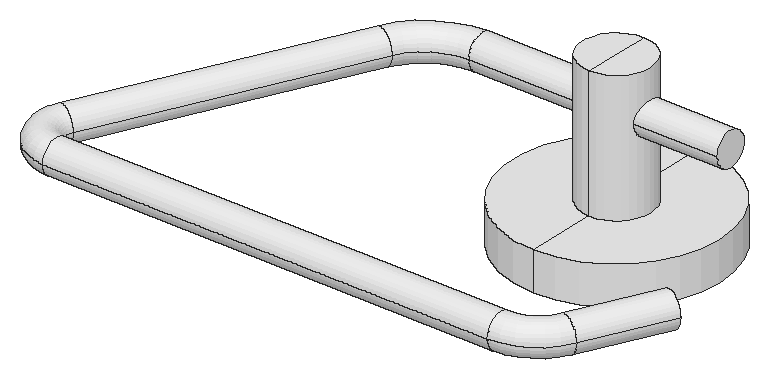
Revit family "Accessories_Set-Grohe-Essentials_Master-40823_Series", category Specialty Equipment, host Face, Revit 2014
Parameters (values of type "40823001")
  URL = "https://www.grohe.us"
  Type Comments = ""
  Towel Ring 40365 = no
  Towel Bar 40366 = no
  Toilet Paper Holder 40689 = yes
  Robe Hook 40364 = no
  Product Page URL = "https://www.grohe.us/en_us/essentials-master-bathroom-accessories-set-4-in-1-40823001.html"
  Price = "Prices may vary. Please consult Manufacturer Representative for most up-to-date price list."  # constant formula
  Model = "40823001"
  Material = "Metal-Grohe-001-Chrome"
  Manufacturer = "Grohe"  # constant formula
  Length = 25 191/256"  # constant formula
  Installation Type = "Wall Mounted"  # constant formula
  Height = 7 117/128"  # constant formula
  Finish = Metal-Grohe-001-Chrome
  Description = "Essentials Master bathroom accessories set 4-in-1"  # constant formula
  Default Elevation = if(Toilet Paper Holder 40689, 16", 40")  # 16"
  Creation Date = "07/28/2017"  # constant formula
  Assembly Code = "C1030200"
Types (2): name | Toilet Paper Holder 40689 | Product Page URL | Model | Material | Finish | Default Elevation
  40823001 | yes | "https://www.grohe.us/en_us/essentials-master-bathroom-accessories-set-4-in-1-40823001.html" | "40823001" | "Metal-Grohe-001-Chrome" | Metal-Grohe-001-Chrome | 16"
  40823EN1 | no | "https://www.grohe.us/en_us/master-bathroom-accessories-set-4-in-1-40823EN1.html" | "40823EN1" | "Metal-Grohe-EN1-Brushed Nickel" | Metal-Grohe-EN1-Brushed Nickel | 40"
Reference planes (in)
  plane 1 "Center (Front/Back)": y = 0
  plane 2: z = 0
  plane 3 "Center (Left/Right)": x = 0
  plane 4: z = 1.75
  plane 5: x = -1.0625
  plane 6: x = 1.0625
  plane 7: x = -11.81102
  plane 8: x = 11.81102
  plane 9: y = 1.06299
  plane 10: z = 1.73228
  plane 11: y = -6.85039
  plane 12: y = -3.3267
  plane 13: y = -6.65341
  plane 14: y = -7.92092
  plane 15: y = -12.60596
  plane 16: z = 1.73228
  plane 17: z = 1.27076
Forms (in)
  Revolve 1, solid, material "Metal-Grohe-001-Chrome" <- "Finish", visible <- "Robe Hook 40364"
    sketch origin (0, 0, 0) x (1, 0, 0) y (0, 0, 1)
      loop
        line (0, 1.75) -> (-0.35433, 1.75) -> (-0.35433, 1.29134) -> (-0.32145, 1.29134) -> (-0.32145, 1.25197) -> (-0.35433, 1.25197) -> (-0.35433, 1.17323) -> (-0.32145, 1.17323) -> (-0.32145, 1.13386) -> (-0.35433, 1.13386) -> (-0.35433, 0.3937) -> (-1.0625, 0.3937) -> (-1.0625, 0) -> (0, 0) -> (0, 1.75)
      axis (0, 1.75) -> (0, 0)
    angle from 0 to 360
  Extrusion 2, void
    sketch origin (0, 0, 0) x (0, 1, 0) y (0, 0, 1)
      loop
        arc (0.15832, 1.17447) -> (0.21729, 1.00183) -> (0.35433, 0.88141) r 0.35433
        arc (0.35433, 0.88141) -> (0.80634, 1.39581) -> (0.15832, 1.17447) r 0.35433
    from -1.0625 to 1.0625
  Revolve 3, solid, material "Metal-Grohe-001-Chrome" <- "Finish", visible <- "Towel Bar 40366"
    sketch origin (-11.81102, 0, 0) x (0, 1, 0) y (0, 0, 1)
      loop
        line (0, 0) -> (1.06299, 0) -> (1.06299, 0.3937) -> (0.35079, 0.3937) -> (0.35079, 1.69484) -> (0.31888, 1.69484) -> (0.31888, 1.73107) -> (0.35079, 1.73107) -> (0.35079, 1.81102) -> (0.31888, 1.81102) -> (0.31888, 1.84725) -> (0.35079, 1.84725) -> (0.35079, 2.36016) -> (0, 2.36016) -> (0, 0)
      axis (0, 2.36016) -> (0, 0)
    angle from 0 to 360
  Revolve 4, solid, material "Metal-Grohe-001-Chrome" <- "Finish", visible <- "Towel Bar 40366"
    sketch origin (11.81102, 0, 0) x (0, 1, 0) y (0, 0, -1)
      loop
        line (0, 0) -> (0, -2.36016) -> (0.35079, -2.36016) -> (0.35079, -1.84725) -> (0.31888, -1.84725) -> (0.31888, -1.81102) -> (0.35079, -1.81102) -> (0.35079, -1.73107) -> (0.31888, -1.73107) -> (0.31888, -1.69484) -> (0.35079, -1.69484) -> (0.35079, -0.3937) -> (1.06299, -0.3937) -> (1.06299, 0) -> (0, 0)
      axis (0, -2.36016) -> (0, 0)
    angle from 0 to 360
  Extrusion 5, solid, material "Metal-Grohe-001-Chrome" <- "Finish", visible <- "Towel Bar 40366"
    sketch origin (0, 0.00697, 0) x (0, 1, 0) y (0, 0, 1)
      loop
        circle (-0.00697, 1.77165) r 0.24263
    from -11.81102 to 11.81102
  Revolve 6, solid, material "Metal-Grohe-001-Chrome" <- "Finish", visible <- "Towel Ring 40365"
    sketch origin (0, 0, 0) x (0, 1, 0) y (0, 0, 1)
      loop
        line (1.06299, 0) -> (1.06299, 0.3937) -> (0.35079, 0.3937) -> (0.35079, 1.73228) -> (0, 1.73228) -> (0, 0) -> (1.06299, 0)
      axis (0, 0) -> (0, 1.73228)
    angle from 0 to 360
  Sweep 7, solid, material "Metal-Grohe-001-Chrome" <- "Finish", visible <- "Towel Ring 40365"
    path origin (0, 0, 0) x (1, 0, 0) y (0, 1, 0)
      loop
        circle (0, -3.3267) r 3.3267
    profile origin (0, 0, 0) x (0, -1, 0) y (0, 0, 1)
      loop
        circle (0, 1.27076) r 0.24843
  Revolve 8, solid, material "Metal-Grohe-001-Chrome" <- "Finish", visible <- "Toilet Paper Holder 40689"
    sketch origin (0, 0, 0) x (0, 1, 0) y (0, 0, 1)
      loop
        line (1.06299, 0) -> (1.06299, 0.3937) -> (0.35079, 0.3937) -> (0.35079, 1.73228) -> (0, 1.73228) -> (0, 0) -> (1.06299, 0)
      axis (0, 0) -> (0, 1.73228)
    angle from 0 to 360
  Sweep 9, solid, material "Metal-Grohe-001-Chrome" <- "Finish", visible <- "Toilet Paper Holder 40689"
    path origin (0, 8.98391, 0) x (1, 0, 0) y (0, 1, 0)
      loop
        line (1.17223, -8.98391) -> (-1.38498, -8.98391)
        arc (-1.38498, -8.98391) -> (-1.78795, -9.10137) -> (-2.06471, -9.41695) r 0.75
        line (-2.06471, -9.41695) -> (-3.27201, -12.00602)
        arc (-3.27201, -12.00602) -> (-3.25191, -12.31281) -> (-2.98236, -12.46069) r 0.3196
        line (-2.98236, -12.46069) -> (1.58837, -12.46069)
        arc (1.58837, -12.46069) -> (1.85702, -12.38239) -> (2.04152, -12.172) r 0.5
        line (2.04152, -12.172) -> (2.43518, -11.32781)
    profile origin (-0.10638, 0, 0) x (0, -1, 0) y (0, 0, 1)
      loop
        circle (0, 1.27076) r 0.17166
Cuts and joins
  joined: Revolve 3, Revolve 4, Extrusion 5
  joined: Revolve 6, Sweep 7
  Extrusion 2 cuts Revolve 1
Lines and regions (in)
  Masking region 1, visible <- "Robe Hook 40364"
    outline origin (0, 0, 0) x (1, 0, 0) y (0, 0, 1)
      loop
        line (1.0625, 0.3937) -> (0.35433, 0.3937) -> (0.35433, 1.13386) -> (0.32145, 1.13386) -> (0.32145, 1.17323) -> (0.35433, 1.17323) -> (0.35433, 1.25197) -> (0.32145, 1.25197) -> (0.32145, 1.29134) -> (0.35433, 1.29134) -> (0.35433, 1.75) -> (-0.35433, 1.75) -> (-0.35433, 1.29134) -> (-0.32145, 1.29134) -> (-0.32145, 1.25197) -> (-0.35433, 1.25197) -> (-0.35433, 1.17323) -> (-0.32145, 1.17323) -> (-0.32145, 1.13386) -> (-0.35433, 1.13386) -> (-0.35433, 0.3937) -> (-1.0625, 0.3937) -> (-1.0625, 0) -> (1.0625, 0) -> (1.0625, 0.3937)
  Masking region 2, visible <- "Towel Bar 40366"
    outline origin (0, 0, 0) x (1, 0, 0) y (0, 0, 1)
      loop
        line (11.46024, 2.36016) -> (11.46024, 2.01593) -> (-11.46024, 2.01593) -> (-11.46024, 2.36016) -> (-12.16181, 2.36016) -> (-12.16181, 1.84725) -> (-12.1299, 1.84725) -> (-12.1299, 1.81102) -> (-12.16181, 1.81102) -> (-12.16181, 1.73107) -> (-12.1299, 1.73107) -> (-12.1299, 1.69484) -> (-12.16181, 1.69484) -> (-12.16181, 0.3937) -> (-12.87402, 0.3937) -> (-12.87402, 0) -> (-10.74803, 0) -> (-10.74803, 0.3937) -> (-11.46024, 0.3937) -> (-11.46024, 1.53047) -> (11.46024, 1.53047) -> (11.46024, 0.3937) -> (10.74803, 0.3937) -> (10.74803, 0) -> (12.87402, 0) -> (12.87402, 0.3937) -> (12.16181, 0.3937) -> (12.16181, 1.69484) -> (12.1299, 1.69484) -> (12.1299, 1.73107) -> (12.16181, 1.73107) -> (12.16181, 1.81102) -> (12.1299, 1.81102) -> (12.1299, 1.84725) -> (12.16181, 1.84725) -> (12.16181, 2.36016) -> (11.46024, 2.36016)
  Masking region 3, visible <- "Towel Ring 40365"
    outline origin (0, 0, 0) x (1, 0, 0) y (0, 0, 1)
      loop
        line (0.35079, 0.3937) -> (0.35079, 1.02265) -> (3.32945, 1.02265)
        arc (3.32945, 1.02265) -> (3.57762, 1.27082) -> (3.32945, 1.51899) r 0.24817
        line (3.32945, 1.51899) -> (0.35079, 1.51899) -> (0.35079, 1.73228) -> (-0.35079, 1.73228) -> (-0.35079, 1.51899) -> (-3.32945, 1.51899)
        arc (-3.32945, 1.51899) -> (-3.57762, 1.27082) -> (-3.32945, 1.02265) r 0.24817
        line (-3.32945, 1.02265) -> (-0.35079, 1.02265) -> (-0.35079, 0.3937) -> (-1.06299, 0.3937) -> (-1.06299, 0) -> (1.06299, 0) -> (1.06299, 0.3937) -> (0.35079, 0.3937)
  Masking region 4, visible <- "Toilet Paper Holder 40689"
    outline origin (0, 0, 0) x (1, 0, 0) y (0, 0, 1)
      loop
        line (1.06299, 0) -> (1.06299, 0.3937) -> (0.35079, 0.3937) -> (0.35079, 1.09932) -> (2.443, 1.09932)
        arc (2.443, 1.09932) -> (2.50966, 1.12347) -> (2.56218, 1.17111) r 0.18338
        arc (2.56218, 1.17111) -> (2.58554, 1.21834) -> (2.59076, 1.27076) r 0.14704
        arc (2.59076, 1.27076) -> (2.58231, 1.31874) -> (2.56513, 1.36432) r 0.26172
        arc (2.56513, 1.36432) -> (2.515, 1.41999) -> (2.443, 1.44064) r 0.13588
        line (2.443, 1.44064) -> (0.35079, 1.44064) -> (0.35079, 1.73228) -> (-0.35079, 1.73228) -> (-0.35079, 1.44064) -> (-3.30868, 1.44064)
        arc (-3.30868, 1.44064) -> (-3.47934, 1.26998) -> (-3.30868, 1.09932) r 0.17066
        line (-3.30868, 1.09932) -> (-0.35079, 1.09932) -> (-0.35079, 0.3937) -> (-1.06299, 0.3937) -> (-1.06299, 0) -> (1.06299, 0)
  symbolic lines, visible <- "Robe Hook 40364", detail levels medium+fine
    curve 1: line (0.35433, 0, 0.3937) -> (-0.35433, 0, 0.3937)
  symbolic lines, visible <- "Robe Hook 40364", detail levels fine
    curve 2: line (0.31101, 0, 1.29134) -> (-0.31101, 0, 1.29134)
    curve 3: line (0, 0, 0.88141) -> (0.31436, 0, 1.13386)
    curve 4: line (-0.31436, 0, 1.13386) -> (0, 0, 0.88141)
    curve 5: spline (0.27795, 0, 1.25197) -> (0.27764, 0, 1.2553) -> (0.27732, 0, 1.25862) -> (0.27698, 0, 1.26193) -> (0.27661, 0, 1.26523) -> (0.27623, 0, 1.26853) -> (0.27582, 0, 1.27182) -> (0.2754, 0, 1.2751) -> (0.27495, 0, 1.27836) -> (0.27448, 0, 1.28162) -> (0.274, 0, 1.28487) -> (0.27349, 0, 1.28811) -> (0.27297, 0, 1.29134)
    curve 6: spline (0.27678, 0, 1.13386) -> (0.27712, 0, 1.13711) -> (0.27745, 0, 1.14036) -> (0.27776, 0, 1.14362) -> (0.27806, 0, 1.14689) -> (0.27833, 0, 1.15017) -> (0.27858, 0, 1.15345) -> (0.27882, 0, 1.15673) -> (0.27904, 0, 1.16002) -> (0.27923, 0, 1.16332) -> (0.27941, 0, 1.16662) -> (0.27957, 0, 1.16992) -> (0.27972, 0, 1.17323)
    curve 7: line (0.27678, 0, 1.13386) -> (0.32145, 0, 1.13386)
    curve 8: line (0.27972, 0, 1.17323) -> (0.3229, 0, 1.17323)
    curve 9: line (0.27795, 0, 1.25197) -> (0.31808, 0, 1.25197)
    curve 10: line (0.31811, 0, 1.29134) -> (0.27297, 0, 1.29134)
    curve 11: arc (0.31539, 0, 1.25197) -> (0.31696, 0, 1.2126) -> (0.31539, 0, 1.17323) r 0.49389
    curve 12: spline (-0.27795, 0, 1.25197) -> (-0.27764, 0, 1.2553) -> (-0.27732, 0, 1.25862) -> (-0.27698, 0, 1.26193) -> (-0.27661, 0, 1.26523) -> (-0.27623, 0, 1.26853) -> (-0.27582, 0, 1.27182) -> (-0.2754, 0, 1.2751) -> (-0.27495, 0, 1.27836) -> (-0.27448, 0, 1.28162) -> (-0.274, 0, 1.28487) -> (-0.27349, 0, 1.28811) -> (-0.27297, 0, 1.29134)
    curve 13: spline (-0.27678, 0, 1.13386) -> (-0.27712, 0, 1.13711) -> (-0.27745, 0, 1.14036) -> (-0.27776, 0, 1.14362) -> (-0.27806, 0, 1.14689) -> (-0.27833, 0, 1.15017) -> (-0.27858, 0, 1.15345) -> (-0.27882, 0, 1.15673) -> (-0.27904, 0, 1.16002) -> (-0.27923, 0, 1.16332) -> (-0.27941, 0, 1.16662) -> (-0.27957, 0, 1.16992) -> (-0.27972, 0, 1.17323)
    curve 14: line (-0.27678, 0, 1.13386) -> (-0.32145, 0, 1.13386)
    curve 15: line (-0.27972, 0, 1.17323) -> (-0.3229, 0, 1.17323)
    curve 16: line (-0.27795, 0, 1.25197) -> (-0.31808, 0, 1.25197)
    curve 17: line (-0.31811, 0, 1.29134) -> (-0.27297, 0, 1.29134)
    curve 18: arc (-0.31539, 0, 1.25197) -> (-0.31696, 0, 1.2126) -> (-0.31539, 0, 1.17323) r 0.49389
  symbolic lines, visible <- "Towel Bar 40366", detail levels medium+fine
    curve 19: arc (11.46024, 0, 2.01593) -> (11.49089, 0, 1.7732) -> (11.46024, 0, 1.53047) r 0.97623
    curve 25: arc (-11.46024, 0, 2.01593) -> (-11.49089, 0, 1.7732) -> (-11.46024, 0, 1.53047) r 0.97623
  symbolic lines, visible <- "Towel Bar 40366", detail levels fine
    curve 20: line (12.1299, 0, 1.84725) -> (11.48808, 0, 1.84725)
    curve 21: line (12.1299, 0, 1.81102) -> (11.49016, 0, 1.81102)
    curve 22: line (12.1299, 0, 1.73107) -> (11.48998, 0, 1.73107)
    curve 23: line (12.1299, 0, 1.69484) -> (11.48774, 0, 1.69484)
    curve 24: line (12.16181, 0, 0.3937) -> (11.46024, 0, 0.3937)
    curve 26: line (-12.1299, 0, 1.84725) -> (-11.48808, 0, 1.84725)
    curve 27: line (-12.1299, 0, 1.81102) -> (-11.49016, 0, 1.81102)
    curve 28: line (-12.1299, 0, 1.73107) -> (-11.48998, 0, 1.73107)
    curve 29: line (-12.1299, 0, 1.69484) -> (-11.48774, 0, 1.69484)
    curve 30: line (-12.16181, 0, 0.3937) -> (-11.46024, 0, 0.3937)
  symbolic lines, visible <- "Towel Ring 40365", detail levels medium+fine
    curve 31: arc (0.35079, 0, 1.51899) -> (0.31789, 0, 1.27082) -> (0.35079, 0, 1.02265) r 0.95257
    curve 33: arc (-0.35079, 0, 1.51899) -> (-0.31789, 0, 1.27082) -> (-0.35079, 0, 1.02265) r 0.95257
  symbolic lines, visible <- "Towel Ring 40365", detail levels fine
    curve 32: line (0.35079, 0, 0.3937) -> (-0.35433, 0, 0.3937)
  symbolic lines, visible <- "Toilet Paper Holder 40689", detail levels medium+fine
    curve 34: arc (0.35079, 0, 1.44064) -> (0.30001, 0, 1.26987) -> (0.35079, 0, 1.0991) r 0.31254
    curve 39: arc (-0.35079, 0, 1.44064) -> (-0.30001, 0, 1.26987) -> (-0.35079, 0, 1.0991) r 0.31254
  symbolic lines, visible <- "Toilet Paper Holder 40689", detail levels fine
    curve 35: arc (2.443, 0, 1.44064) -> (2.3709, 0, 1.42599) -> (2.31496, 0, 1.37819) r 0.14678
    curve 36: arc (2.31496, 0, 1.37819) -> (2.28084, 0, 1.26988) -> (2.31496, 0, 1.16157) r 0.18897
    curve 37: arc (2.31496, 0, 1.16157) -> (2.3709, 0, 1.11383) -> (2.443, 0, 1.09932) r 0.14636
    curve 38: line (0.35079, 0, 0.39587) -> (-0.35079, 0, 0.39587)
Dimensions and locks (in)
  equal spacing: plane 7, plane 3 "Center (Left/Right)", plane 8
  plane 7 to plane 8 = 23.62205"
  plane 10 to level = 1.73228"
  plane 9 to plane 11 = 7.91339"
  equal spacing: plane 13, plane 12, plane 1 "Center (Front/Back)"
  plane 14 to plane 15 = 4.68504"
  aligned and locked: plane 2 to host face
  aligned and locked: level to host face
  aligned and locked: Extrusion 5 to plane 8
Automatic sketch dimensions
  curve 4 to plane 3 "Center (Left/Right)" = 0"
  curve 11 to plane 3 "Center (Left/Right)" = 0.17692"
  curve 14 to curve 11 = 0.09985"
  curve 16 to curve 11 = 0.10102"
  curve 15 to curve 13 = 0.00294"
  curve 1 to plane 3 "Center (Left/Right)" = 0.35433"
  curve 39 to curve 16 = 0.3346"
  plane 5 to curve 33 = 0.20796"
  plane 4 to curve 25 = 0.0232"
  plane 7 to curve 25 = 1.29636"
  plane 3 "Center (Left/Right)" to curve 18 = 0.17692"
  curve 18 to curve 7 = 0.09985"
  curve 18 to curve 9 = 0.10102"
  curve 7 to curve 8 = 0.00294"
  curve 9 to curve 34 = 0.3346"
  plane 6 to curve 31 = 0.20796"
  curve 37 to plane 4 = 0.50454"
  curve 31 to curve 37 = 1.16444"
  curve 37 to curve 35 = 0.00034"
  curve 35 to curve 36 = 0.03458"
  plane 4 to curve 19 = 0.0232"
  plane 8 to curve 19 = 1.29636"
  curve 18 to plane 4 = 0.5374"
  curve 11 to curve 18 = 0"
  curve 8 to curve 18 = 0.03937"
  curve 15 to curve 11 = 0.03937"
  curve 14 to curve 15 = 0.03937"
  curve 7 to curve 6 = 0.03937"
  curve 4 to curve 14 = 0.25245"
  level to curve 32 = 0.3937"
  curve 13 to curve 16 = 0.07874"
  curve 8 to curve 9 = 0.07874"
  curve 16 to curve 39 = 0.0179"
  curve 9 to curve 34 = 0.0179"
  curve 37 to curve 36 = 0.02442"
  curve 31 to plane 4 = 0.47918"
  curve 33 to plane 4 = 0.47918"
  curve 36 to curve 35 = 0.02419"
  curve 11 to curve 12 = 0.06153"
  curve 12 to plane 3 "Center (Left/Right)" = 0.1187"
  curve 13 to curve 12 = 0.00396"
  curve 13 to plane 3 "Center (Left/Right)" = 0.12093"
  curve 16 to curve 17 = 0.00498"
  curve 12 to curve 17 = 0"
  curve 2 to curve 17 = 0.03804"
  curve 4 to curve 13 = 0.03758"
  curve 18 to curve 13 = 0.03568"
  curve 16 to curve 18 = 0.00269"
  curve 17 to curve 2 = 0.0071"
  curve 14 to curve 4 = 0.00709"
  curve 39 to curve 17 = 0.03267"
  curve 39 to curve 14 = 0.02933"
  curve 33 to curve 39 = 0"
  curve 1 to curve 38 = 0.00354"
  curve 39 to curve 33 = 0"
  plane 7 to curve 30 = 0.35079"
  plane 7 to curve 25 = 0.35079"  (x2)
  curve 25 to plane 4 = 0.21953"
  curve 29 to plane 4 = 0.05516"
  plane 4 to curve 26 = 0.09725"
  curve 28 to plane 4 = 0.01893"
  curve 27 to curve 26 = 0.00208"
  curve 26 to plane 7 = 0.31888"
  curve 26 to curve 29 = 0"
  curve 28 to curve 29 = 0"
  curve 26 to curve 27 = 0"
  curve 30 to plane 7 = 0.35079"
  curve 5 to curve 18 = 0.06153"
  plane 3 "Center (Left/Right)" to curve 5 = 0.1187"
  curve 5 to curve 6 = 0.00396"
  plane 3 "Center (Left/Right)" to curve 6 = 0.12093"
  curve 10 to curve 9 = 0.00498"
  curve 5 to curve 10 = 0"
  curve 10 to curve 2 = 0.03804"
  curve 7 to curve 3 = 0.03758"
  curve 8 to curve 11 = 0.03568"
  curve 11 to curve 9 = 0.00269"
  curve 2 to curve 10 = 0.0071"
  curve 3 to curve 7 = 0.00709"
  curve 7 to curve 34 = 0.02933"
  curve 10 to curve 34 = 0.03267"
  plane 3 "Center (Left/Right)" to curve 32 = 0.35079"
  curve 34 to curve 31 = 0"
  curve 38 to curve 32 = 0"
  curve 31 to curve 34 = 0"
  curve 32 to curve 1 = 0.00354"
  curve 36 to curve 35 = 0.12028"
  curve 35 to curve 36 = 0"
  curve 37 to curve 36 = 0"
  curve 37 to curve 37 = 0.12803"
  curve 36 to curve 35 = 0.12803"
  plane 8 to curve 24 = 0.35079"
  plane 8 to curve 19 = 0.35079"  (x2)
  curve 19 to plane 4 = 0.21953"
  curve 23 to plane 4 = 0.05516"
  plane 4 to curve 20 = 0.09725"
  curve 22 to plane 4 = 0.01893"
  curve 20 to curve 21 = 0.00208"
  curve 20 to plane 8 = 0.31888"
  curve 20 to curve 21 = 0"
  curve 21 to curve 23 = 0"
  curve 22 to curve 23 = 0"
  curve 24 to plane 8 = 0.35079"
  curve 6 to curve 5 = 0.00161"
  curve 34 to curve 7 = 0.03476"
  curve 39 to curve 14 = 0.03476"
  curve 32 to curve 38 = 0.00217"
  level to curve 30 = 0.3937"
  level to curve 24 = 0.3937"
  host sketch curve to host sketch curve = 96"  (x2)
  Revolve 1 sketch curve to level = 0"
  plane 5 to Revolve 1 sketch curve = 0"
  Revolve 1 sketch curve to plane 4 = 0"
  Revolve 1 sketch curve to plane 3 "Center (Left/Right)" = 0"  (x2)
  Revolve 1 sketch curve to plane 3 "Center (Left/Right)" = 0.35433"  (x2)
  Revolve 1 sketch curve to Revolve 1 sketch curve = 0"
  Revolve 1 sketch curve to Revolve 1 sketch curve = 0.03288"  (x2)
  Revolve 1 sketch curve to Revolve 1 sketch curve = 0.3937"
  Revolve 1 sketch curve to plane 4 = 0.61614"
  Revolve 1 sketch curve to Revolve 1 sketch curve = 0.03937"  (x2)
  Revolve 1 sketch curve to Revolve 1 sketch curve = 0.07874"
  Revolve 1 sketch curve to level = 0.13498"
  Revolve 1 sketch curve to Revolve 1 sketch curve = 0.11502"
  Extrusion 2 sketch curve to Extrusion 2 sketch curve = 0"  (x2)
  Extrusion 2 sketch curve to plane 1 "Center (Front/Back)" = 0.51181"
  Extrusion 2 sketch curve to plane 4 = 0.55118"
  Extrusion 2 sketch curve to plane 1 "Center (Front/Back)" = 0.35433"
  Extrusion 2 sketch curve to plane 1 "Center (Front/Back)" = 0.15832"
  Extrusion 2 sketch curve to Extrusion 2 sketch curve = 0.02435"
  Masking region 1 sketch curve to level = 0"
  plane 5 to Masking region 1 sketch curve = 0"
  Masking region 1 sketch curve to plane 4 = 0"
  Masking region 1 sketch curve to plane 6 = 0"
  Masking region 1 sketch curve to plane 3 "Center (Left/Right)" = 0.35433"
  Masking region 1 sketch curve to Masking region 1 sketch curve = 0"  (x3)
  Masking region 1 sketch curve to Masking region 1 sketch curve = 0.03288"  (x3)
  plane 3 "Center (Left/Right)" to Masking region 1 sketch curve = 0.32145"
  plane 3 "Center (Left/Right)" to Masking region 1 sketch curve = 0.35433"  (x2)
  Masking region 1 sketch curve to Masking region 1 sketch curve = 0.3937"  (x2)
  Masking region 1 sketch curve to plane 4 = 0.61614"  (x2)
  Masking region 1 sketch curve to Masking region 1 sketch curve = 0.03937"  (x4)
  Masking region 1 sketch curve to Masking region 1 sketch curve = 0.07874"  (x2)
  Revolve 3 sketch curve to level = 0"
  Revolve 3 sketch curve to plane 1 "Center (Front/Back)" = 0"  (x2)
  Revolve 3 sketch curve to plane 9 = 0"
  Revolve 3 sketch curve to plane 4 = 0.05516"
  Revolve 3 sketch curve to plane 1 "Center (Front/Back)" = 0.31888"
  Revolve 3 sketch curve to Revolve 3 sketch curve = 0"
  Revolve 3 sketch curve to Revolve 3 sketch curve = 0.03191"  (x2)
  Revolve 3 sketch curve to plane 1 "Center (Front/Back)" = 0.35079"
  level to Revolve 3 sketch curve = 0.3937"
  Revolve 3 sketch curve to plane 4 = 0.01893"
  plane 4 to Revolve 3 sketch curve = 0.06102"
  Revolve 3 sketch curve to Revolve 3 sketch curve = 0.03623"
  Revolve 3 sketch curve to Revolve 3 sketch curve = 0.51291"
  Revolve 3 sketch curve to Revolve 3 sketch curve = 0.5081"
  Revolve 3 sketch curve to Revolve 3 sketch curve = 0.09791"
  Revolve 4 sketch curve to level = 0"
  Revolve 4 sketch curve to plane 1 "Center (Front/Back)" = 0"  (x2)
  Revolve 4 sketch curve to plane 9 = 0"
  Revolve 4 sketch curve to plane 4 = 0.05516"
  Revolve 4 sketch curve to plane 1 "Center (Front/Back)" = 0.31888"
  Revolve 4 sketch curve to Revolve 4 sketch curve = 0"
  Revolve 4 sketch curve to Revolve 4 sketch curve = 0.03191"  (x2)
  Revolve 4 sketch curve to plane 1 "Center (Front/Back)" = 0.35079"
  Revolve 4 sketch curve to plane 4 = 0.01893"
  plane 4 to Revolve 4 sketch curve = 0.06102"
  Revolve 4 sketch curve to Revolve 4 sketch curve = 0.03623"
  Revolve 4 sketch curve to Revolve 4 sketch curve = 0.51291"
  level to Revolve 4 sketch curve = 0.3937"
  Revolve 4 sketch curve to Revolve 4 sketch curve = 0.5081"
  Revolve 4 sketch curve to Revolve 4 sketch curve = 0.09791"
  Extrusion 5 sketch curve to plane 1 "Center (Front/Back)" = 0"
  plane 4 to Extrusion 5 sketch curve = 0.02165"
  Masking region 2 sketch curve to level = 0"  (x2)
  level to Masking region 2 sketch curve = 0.3937"  (x4)
  Masking region 2 sketch curve to plane 7 = 1.06299"
  plane 4 to Masking region 2 sketch curve = 0.06102"  (x2)
  Masking region 2 sketch curve to plane 7 = 0.35079"  (x3)
  Masking region 2 sketch curve to Masking region 2 sketch curve = 0.03191"  (x5)
  plane 7 to Masking region 2 sketch curve = 0.35079"  (x2)
  Masking region 2 sketch curve to Masking region 2 sketch curve = 0.7122"  (x2)
  plane 8 to Masking region 2 sketch curve = 1.06299"
  plane 8 to Masking region 2 sketch curve = 0.35079"  (x2)
  Masking region 2 sketch curve to plane 4 = 0.05516"  (x2)
  Masking region 2 sketch curve to plane 8 = 0.31888"
  Masking region 2 sketch curve to Masking region 2 sketch curve = 0"
  Masking region 2 sketch curve to plane 4 = 0.21953"
  Masking region 2 sketch curve to plane 4 = 0.01893"  (x2)
  Masking region 2 sketch curve to Masking region 2 sketch curve = 0.03623"  (x2)
  plane 4 to Masking region 2 sketch curve = 0.26593"
  Masking region 2 sketch curve to Masking region 2 sketch curve = 0.51291"  (x2)
  Revolve 6 sketch curve to plane 1 "Center (Front/Back)" = 0"  (x2)
  Revolve 6 sketch curve to plane 10 = 0"
  Revolve 6 sketch curve to level = 0"
  Revolve 6 sketch curve to plane 9 = 0"
  Revolve 6 sketch curve to plane 1 "Center (Front/Back)" = 0.35079"
  Revolve 6 sketch curve to Revolve 6 sketch curve = 0.3937"
  plane 4 to Revolve 6 sketch curve = 1.13469"
  Revolve 6 sketch curve to Revolve 6 sketch curve = 1/4"
  Sweep 7 sketch curve to plane 3 "Center (Left/Right)" = 0"
  Sweep 7 sketch curve to plane 12 = 0"
  Sweep 7 sketch curve to profile plane = 0"
  level to Sweep 7 sketch curve = 1.27076"
  Masking region 3 sketch curve to level = 0"
  Masking region 3 sketch curve to plane 4 = 0.23101"
  plane 5 to Masking region 3 sketch curve = 2.26695"
  plane 5 to Masking region 3 sketch curve = 0.00049"
  Masking region 3 sketch curve to plane 3 "Center (Left/Right)" = 0.35079"  (x2)
  plane 3 "Center (Left/Right)" to Masking region 3 sketch curve = 0.35079"  (x2)
  Masking region 3 sketch curve to plane 4 = 0.01772"
  plane 6 to Masking region 3 sketch curve = 0.00049"
  Masking region 3 sketch curve to plane 4 = 0.47918"
  plane 6 to Masking region 3 sketch curve = 2.26695"
  level to Masking region 3 sketch curve = 0.3937"
  Masking region 3 sketch curve to Masking region 3 sketch curve = 0.3937"
  Masking region 3 sketch curve to Masking region 3 sketch curve = 0.49634"
  Masking region 3 sketch curve to Masking region 3 sketch curve = 0.62895"
  Masking region 4 sketch curve to level = 0"
  Masking region 4 sketch curve to plane 4 = 0.30936"
  plane 5 to Masking region 4 sketch curve = 2.24618"
  plane 5 to Masking region 4 sketch curve = 0.00049"
  Masking region 4 sketch curve to plane 4 = 0.01772"
  Masking region 4 sketch curve to plane 3 "Center (Left/Right)" = 0.35079"  (x2)
  plane 3 "Center (Left/Right)" to Masking region 4 sketch curve = 0.35079"
  Masking region 4 sketch curve to Masking region 4 sketch curve = 0"  (x3)
  plane 6 to Masking region 4 sketch curve = 0.00049"
  Masking region 4 sketch curve to plane 4 = 0.50041"
  plane 6 to Masking region 4 sketch curve = 1.2674"
  Masking region 4 sketch curve to Masking region 4 sketch curve = 0.08514"
  Masking region 4 sketch curve to Masking region 4 sketch curve = 0.02796"  (x2)
  Masking region 4 sketch curve to Masking region 4 sketch curve = 0.02916"
  level to Masking region 4 sketch curve = 0.3937"  (x2)
  Masking region 4 sketch curve to Masking region 4 sketch curve = 0.34132"
  Masking region 4 sketch curve to Masking region 4 sketch curve = 0.63297"
  Masking region 4 sketch curve to Masking region 4 sketch curve = 0.00928"
  Masking region 4 sketch curve to Masking region 4 sketch curve = 0.02169"
  Masking region 4 sketch curve to Masking region 4 sketch curve = 0.0242"
  Masking region 4 sketch curve to Masking region 4 sketch curve = 0.29165"
  Revolve 8 sketch curve to plane 1 "Center (Front/Back)" = 0"  (x2)
  Revolve 8 sketch curve to plane 16 = 0"
  Revolve 8 sketch curve to level = 0"
  Revolve 8 sketch curve to plane 9 = 0"
  Revolve 8 sketch curve to plane 1 "Center (Front/Back)" = 0.35079"
  Revolve 8 sketch curve to Revolve 8 sketch curve = 0.3937"
  plane 4 to Revolve 8 sketch curve = 1.13469"
  Revolve 8 sketch curve to Revolve 8 sketch curve = 1/4"
  Sweep 9 sketch curve to profile plane = 0"
  Sweep 9 sketch curve to plane 17 = 0"
  plane 1 "Center (Front/Back)" to Sweep 9 sketch curve = 0"
  plane 5 to Sweep 9 sketch curve = 2.20951"
  Sweep 9 sketch curve to Sweep 9 sketch curve = 0.28966"
  plane 1 "Center (Front/Back)" to Sweep 9 sketch curve = 0.43304"
  plane 5 to Sweep 9 sketch curve = 1.00221"
  plane 5 to Sweep 9 sketch curve = 0.32248"
  plane 6 to Sweep 9 sketch curve = 0.52587"
  Sweep 9 sketch curve to Sweep 9 sketch curve = 0.45315"
  plane 1 "Center (Front/Back)" to Sweep 9 sketch curve = 2.97678"
  Sweep 9 sketch curve to Sweep 9 sketch curve = 2.58907"
  Sweep 9 sketch curve to Sweep 9 sketch curve = 0.13507"
  plane 6 to Sweep 9 sketch curve = 0.10973"
  Sweep 9 sketch curve to Sweep 9 sketch curve = 0.39365"
  Sweep 9 sketch curve to Sweep 9 sketch curve = 0.84419"
  radius of Extrusion 5 sketch curve = 0.24263"
  radius of Sweep 7 sketch curve = 3.3267"
  radius of Sweep 7 sketch curve = 0.24843"
  radius of Sweep 9 sketch curve = 0.17166"
